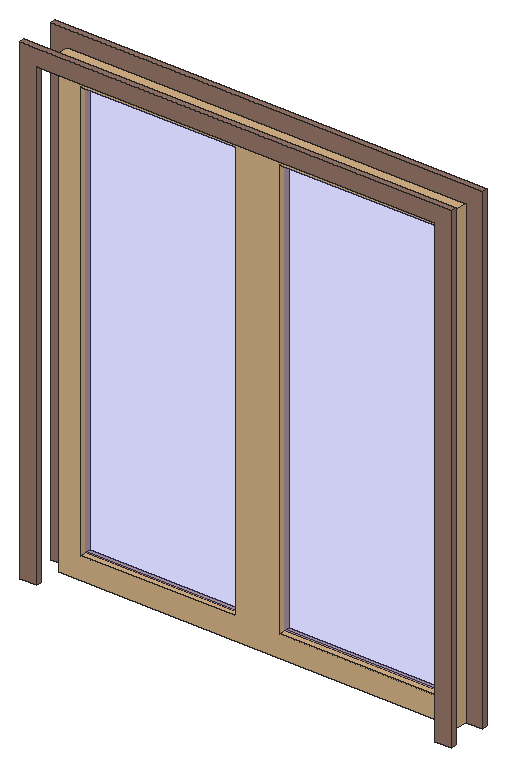
Revit family
Parameters (values of type "1830 x 2134mm")
  Thickness = 51.00 mm
  문 재료 = 문 - 패널
  프레임 재료 = 문 - 프레임
  Height = 2134.00 mm
  난간 폭 - 하단 = 102.00 mm
  난간 폭 - 상단 = 102.00 mm
  선틀 폭 - 힌지 = 102.00 mm
  선틀 폭 - 래치 = 102.00 mm
  자르기 투영 = 25.00 mm
  자르기 폭 = 76.00 mm
  Wall Closure = (empty or 0)
  Width = 1830.00 mm
Types (5, lengths in mm): name | Height | 자르기 투영 | 자르기 폭 | Width
  1830 x 2134mm | 2134.00 | 25.00 | 76.00 | 1830.00
  1730 x 2032mm | 2032.00 | 25.00 | 76.00 | 1730.00
  1730 x 2134mm | 2134.00 | 25.40 | 76.00 | 1730.00
  1830 x 1981mm | 1981.00 | 25.00 | 51.00 | 1830.00
  1830 x 2083mm | 2083.00 | 25.00 | 51.00 | 1830.00
Reference planes
  plane 1: y = 0
  plane 2: z = 0
  plane 3: x = 0
  plane 4: x = -915
  plane 5: x = 915
  plane 6: z = 2134
  plane 7: z = 102
  plane 8: z = 2032
  plane 9: z = 1067
Forms (mm)
  Extrusion 1, solid, material "문 - 패널" <- "문 재료"
    sketch origin (0, 0, 0) x (1, 0, 0) y (0, 0, 1)
      loop
        line (-915, 2134) -> (-915, 0) -> (915, 0) -> (915, 2134) -> (-915, 2134)
      loop
        line (-813.4, 2032) -> (-813.4, 102) -> (-101.6, 102) -> (-101.6, 2032) -> (-813.4, 2032)
      loop
        line (101.6, 2032) -> (101.6, 102) -> (813.4, 102) -> (813.4, 2032) -> (101.6, 2032)
    from -78.581 to -27.581
  Extrusion 2, solid, material "유리"
    sketch origin (0, 0, 0) x (1, 0, 0) y (0, 0, 1)
      loop
        line (-101.6, 2032) -> (-813.4, 2032) -> (-813.4, 102) -> (-101.6, 102) -> (-101.6, 2032)
    from -60.325 to -53.181
  Extrusion 3, solid, material "유리"
    sketch origin (0, 0, 0) x (1, 0, 0) y (0, 0, 1)
      loop
        line (101.6, 2032) -> (101.6, 102) -> (813.4, 102) -> (813.4, 2032) -> (101.6, 2032)
    from -60.325 to -53.181
  Extrusion 4, solid, material "문 - 프레임" <- "프레임 재료"
    sketch origin (-2363.779, 78.581, 0) x (-1, 0, 0) y (0, 0, 1)
      loop
        line (-3278.779, 0) -> (-3278.779, 2134) -> (-1448.779, 2134) -> (-1448.779, 0) -> (-1372.779, 0) -> (-1372.779, 2210) -> (-3354.779, 2210) -> (-3354.779, 0) -> (-3278.779, 0)
    from 0 to 25
  Extrusion 5, solid, material "문 - 프레임" <- "프레임 재료"
    sketch origin (-2363.779, -73.819, 0) x (1, 0, 0) y (0, 0, 1)
      loop
        line (3278.779, 0) -> (3354.779, 0) -> (3354.779, 2210) -> (1372.779, 2210) -> (1372.779, 0) -> (1448.779, 0) -> (1448.779, 2134) -> (3278.779, 2134) -> (3278.779, 0)
    from 0 to 25
Lines and regions (mm)
  Opening 1
    outline origin (-1524, -73.819, 3657.6) x (0, 0, -1) y (1, 0, 0)
      loop
        line (1523.6, 609) -> (3657.6, 609) -> (3657.6, 2439) -> (1523.6, 2439) -> (1523.6, 609)
  symbolic lines, style "DoorsPanelProjection"
    curve 1: line (914.878, 78.581, 0) -> (864, 78.581, 0)
    curve 2: line (914.878, 78.581, 0) -> (914.878, 180.581, 0)
    curve 3: line (914.878, 993.92, 0) -> (864, 993.92, 0)
    curve 4: line (864, 78.581, 0) -> (864, 180.581, 0)
    curve 5: line (-915.533, 78.981, 0) -> (-864, 78.981, 0)
    curve 6: line (-915.533, 78.981, 0) -> (-915.533, 180.581, 0)
    curve 7: line (-915.533, 994.331, 0) -> (-864, 994.331, 0)
    curve 8: line (-864, 78.981, 0) -> (-864, 180.581, 0)
    curve 15: line (-915.533, 892.331, 0) -> (-864, 892.331, 0)
    curve 16: line (-915.533, 180.581, 0) -> (-864, 180.581, 0)
    curve 18: line (864, 891.92, 0) -> (914.878, 891.92, 0)
    curve 19: line (914.878, 180.581, 0) -> (864, 180.581, 0)
    curve 21: line (-915.533, 892.331, 0) -> (-915.533, 994.331, 0)
    curve 22: line (-864, 892.331, 0) -> (-864, 994.331, 0)
    curve 23: line (-864, 180.581, 0) -> (-864, 892.331, 0)
    curve 24: line (-915.533, 180.581, 0) -> (-915.533, 892.331, 0)
    curve 25: line (864, 891.92, 0) -> (864, 993.92, 0)
    curve 26: line (914.878, 891.92, 0) -> (914.878, 993.92, 0)
    curve 27: line (914.878, 180.581, 0) -> (914.878, 891.92, 0)
    curve 28: line (864, 180.581, 0) -> (864, 891.92, 0)
  symbolic lines, style "평면 스윙"
    curve 9: arc (-0.065, 54.932, 0) -> (-259.586, 717.744, 0) -> (-915.533, 994.155, 0) r 915.249
    curve 10: arc (-0.065, 54.932, 0) -> (259.397, 717.311, 0) -> (914.878, 993.735, 0) r 915.154
  model lines
    curve 11: line (0, 0, 2134) -> (0, 0, 2134)
    curve 12: line (0, 0, 2134) -> (0, 0, 2134)
    curve 13: line (0, 0, 2134) -> (0, 0, 2134)
    curve 14: line (0, 0, 2134) -> (0, 0, 2134)
    curve 30: line (0, 27.581, 2134) -> (0, 27.581, 0)
  symbolic lines, style "DoorsGlassProjection"
    curve 17: line (-889.563, 892.331, 0) -> (-889.563, 180.581, 0)
    curve 20: line (889.6, 180.581, 0) -> (889.6, 891.92, 0)
  model lines, style "평면 스윙"
    curve 29: line (0, 78.581, 2134) -> (0, 78.581, 0)
  symbolic lines, style "입면도 스윙"
    curve 31: line (0, 0, 0) -> (915, 0, 1067)
    curve 32: line (0, 0, 2134) -> (915, 0, 1067)
    curve 33: line (0, 0, 2134) -> (-915, 0, 1067)
    curve 34: line (-915, 0, 1067) -> (0, 0, 0)
Text (mm)
  text "외부" at (-2000.66, 696.072, 0), in view "지층"
Dimensions and locks
  equal spacing: plane 4, plane 3, plane 5
  "Width": plane 4 to plane 5
  host wall to curve 1 = 0.00 mm
  "Height": plane 6 to plane 2
  "선틀 폭 - 래치": curve 15 to curve 7
  "선틀 폭 - 힌지": host wall to curve 16
  "선틀 폭 - 래치": curve 3 to curve 18
  "선틀 폭 - 힌지": curve 19 to host wall
  plane 2 to plane 6 = 2134.00 mm
  "자르기 폭": Extrusion 4 sketch curve to Extrusion 1  (x2)
  "자르기 폭": Extrusion 4 sketch curve to plane 6
  "자르기 투영": Extrusion 4 to host wall
  "자르기 폭": Extrusion 5 sketch curve to plane 5
  "자르기 폭": Extrusion 5 sketch curve to plane 4
  "자르기 폭": Extrusion 5 sketch curve to plane 6
  "자르기 투영": Extrusion 5 to Extrusion 5
  "Thickness": Extrusion 1 to host wall
  "난간 폭 - 하단": plane 2 to plane 7
  "난간 폭 - 상단": plane 8 to plane 6
  locked: host wall to Extrusion 2 at 18.256
  host wall to Extrusion 3 = 18.256 mm
  locked: Extrusion 3 to Extrusion 3 at 7.144
  equal spacing: level, plane 9, plane 6
  "Thickness": plane 4 to curve 23
  "Thickness": curve 28 to plane 5
  aligned and locked: Extrusion 2 to Extrusion 3  (x2)
  aligned and locked: Extrusion 4 sketch curve to curve 1
  aligned and locked: plane 6 to Extrusion 4 sketch curve  (x2)
  aligned and locked: curve 5 to Extrusion 4 sketch curve
  aligned and locked: plane 2 to Extrusion 4 sketch curve
  aligned and locked: level to Extrusion 4 sketch curve
  aligned and locked: Extrusion 4 to host wall
  aligned and locked: Extrusion 5 sketch curve to curve 1
  aligned and locked: level to Extrusion 5 sketch curve
  aligned and locked: plane 2 to Extrusion 5 sketch curve
  aligned and locked: curve 5 to Extrusion 5 sketch curve
  aligned and locked: plane 6 to Extrusion 5 sketch curve  (x2)
  aligned and locked: plane 5 to Extrusion 5 sketch curve
  aligned and locked: host wall to Extrusion 1
Automatic sketch dimensions
  Opening 1 sketch curve to plane 6 = 0.00 mm
  Opening 1 sketch curve to level = 0.00 mm
  Opening 1 sketch curve to plane 4 = 0.00 mm
  Opening 1 sketch curve to plane 5 = 0.00 mm
  Extrusion 4 sketch curve to plane 5 = 0.00 mm
  Extrusion 4 sketch curve to plane 4 = 0.00 mm
  Extrusion 5 sketch curve to plane 4 = 0.00 mm
  Extrusion 1 sketch curve to plane 4 = 0.00 mm
  Extrusion 1 sketch curve to plane 5 = 0.00 mm
  Extrusion 1 sketch curve to level = 0.00 mm
  Extrusion 1 sketch curve to plane 6 = 0.00 mm
  Extrusion 2 sketch curve to plane 7 = 0.00 mm
  Extrusion 2 sketch curve to plane 8 = 0.00 mm
  Extrusion 3 sketch curve to plane 7 = 0.00 mm
  Extrusion 3 sketch curve to plane 8 = 0.00 mm
  curve 9 to plane 4 = 0.00 mm
  plane 4 to curve 7 = 0.533 mm
  plane 4 to curve 9 = 0.533 mm
  curve 17 to plane 4 = 25.437 mm
  curve 9 to plane 3 = 0.065 mm
  plane 5 to curve 20 = 25.40 mm
  plane 5 to curve 10 = 0.217 mm
  plane 5 to curve 26 = 0.122 mm
  plane 5 to curve 10 = 0.122 mm
  curve 5 to curve 6 = 101.60 mm
  curve 10 to curve 1 = 0.00 mm
  curve 22 to curve 9 = 101.824 mm
  curve 18 to curve 10 = 101.815 mm
  plane 5 to Extrusion 1 sketch curve = 101.60 mm
  plane 5 to Extrusion 3 sketch curve = 101.60 mm
  Extrusion 1 sketch curve to plane 7 = 0.00 mm  (x2)
  Extrusion 1 sketch curve to plane 8 = 0.00 mm  (x2)
  Extrusion 1 sketch curve to plane 4 = 101.60 mm
  Extrusion 2 sketch curve to plane 4 = 101.60 mm
  plane 3 to Extrusion 1 sketch curve = 101.60 mm
  plane 3 to Extrusion 3 sketch curve = 101.60 mm
  Extrusion 1 sketch curve to plane 3 = 101.60 mm
  Extrusion 2 sketch curve to plane 3 = 101.60 mm
  curve 9 to curve 6 = 0.075 mm
  curve 9 to plane 1 = 54.932 mm
  curve 30 to plane 3 = 0.00 mm
  curve 30 to plane 6 = 0.00 mm
  curve 11 to plane 3 = 0.00 mm
  curve 11 to plane 6 = 0.00 mm
  curve 12 to plane 3 = 0.00 mm  (x2)
  curve 12 to plane 6 = 0.00 mm  (x2)
  curve 13 to plane 3 = 0.00 mm
  curve 13 to plane 6 = 0.00 mm
  curve 29 to plane 3 = 0.00 mm
  curve 29 to plane 6 = 0.00 mm
  curve 32 to plane 3 = 0.00 mm
  curve 32 to plane 6 = 0.00 mm
  curve 32 to plane 5 = 0.00 mm
  curve 32 to plane 9 = 0.00 mm
  curve 33 to plane 4 = 0.00 mm
  curve 33 to plane 9 = 0.00 mm
  curve 30 to level = 0.00 mm
  curve 34 to level = 0.00 mm
  curve 29 to level = 0.00 mm
  curve 31 to plane 3 = 0.00 mm
